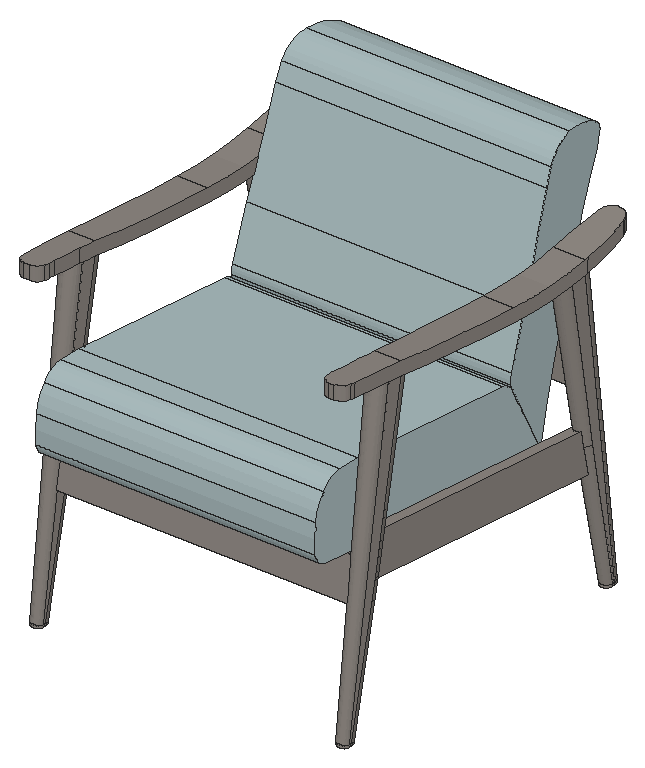
Revit family "Mid-Century Modern Tufgrain Lounge", category Furniture, Revit 2023
Family settings
  Work Plane-Based = No
  Enable Cutting in Views = Yes
  Always vertical = Yes
  Cut with Voids When Loaded = No
  Render Appearance Source = Family Geometry
  Shared = No
  Room Calculation Point = No
Parameters
  Structure material = Wood
  Seat material = Fabric
  Height = 0 mm
  Default Elevation = 0 mm
Reference planes
  plane 1 "Center (Front/Back)": y = 0
  plane 2: z = 0
  plane 3 "Center (Left/Right)": x = 0
  plane 4: x = -310
  plane 5: x = 310
  plane 6: y = 359.016
  plane 7: y = -358.484
  plane 8: x = -267.5
  plane 9: x = 267.5
Forms (mm)
  Extrusion 1, solid, material "Wood" <- "Structure material"
    sketch origin (2.379, 0, 0) x (0, 1, 0) y (0, 0, 1)
      loop
        line (-251.4, 337.438) -> (-268.896, 258.666) -> (285.328, 210.399) -> (267.263, 292.134) -> (-251.4, 337.438)
    from -303.115 to -283.682
  Extrusion 2, solid, material "Wood" <- "Structure material"
    sketch origin (0, 15.758, -7.376) x (0, 1, 0) y (0, 0, 1)
      loop
        line (-287.724, 228.544) -> (-273.577, 307.769) -> (-293.106, 310.853) -> (-307.111, 232.422) -> (-287.724, 228.544)
    from -291.302 to 290.712
  Extrusion 3, solid, material "Wood" <- "Structure material"
    sketch origin (0, -85.516, 51.846) x (0, 0.984779, -0.173811) y (0, 0.173811, 0.984779)
      loop
        line (291.067, 367.062) -> (277.008, 445.796) -> (257.201, 442.825) -> (271.261, 364.091) -> (291.067, 367.062)
    from -293.741 to 290.712
  Extrusion 4, solid, material "Fabric" <- "Seat material"
    sketch origin (0, -12.5, -2.5) x (0, 1, 0) y (0, 0, 1)
      loop
        arc (201.156, 273.671) -> (203.541, 272.397) -> (205.561, 274.195) r 2.363
        arc (205.561, 274.195) -> (231.387, 370.571) -> (262.471, 465.381) r 1814.718
        arc (262.471, 465.381) -> (285.96, 530.27) -> (309.839, 595.017) r 11466.825
        arc (309.839, 595.017) -> (322.407, 626.972) -> (336.141, 658.444) r 934.31
        arc (336.141, 658.444) -> (347.91, 683.995) -> (359.773, 709.502) r 7754.017
        arc (359.773, 709.502) -> (366.154, 725.125) -> (370.965, 741.299) r 171.101
        arc (370.965, 741.299) -> (370.845, 750.912) -> (366.096, 759.271) r 19.265
        arc (366.096, 759.271) -> (362.61, 762.427) -> (358.739, 765.097) r 35.636
        arc (358.739, 765.097) -> (324.92, 778.815) -> (288.542, 781.749) r 120.177
        arc (288.542, 781.749) -> (257.451, 770.82) -> (236.206, 745.626) r 62.665
        arc (236.206, 745.626) -> (229.72, 730.568) -> (224.083, 715.172) r 294.539
        arc (224.083, 715.172) -> (193.155, 624.458) -> (161.247, 534.084) r 8856.103
        arc (161.247, 534.084) -> (145.058, 487.79) -> (129.65, 441.229) r 2915.471
        arc (129.65, 441.229) -> (127.776, 431.976) -> (127.991, 422.537) r 42.498
        arc (127.991, 422.537) -> (129.541, 415.551) -> (132.241, 408.924) r 42.498
        line (132.241, 408.924) -> (201.156, 273.671)
    from -277.144 to 277.144
  Extrusion 5, solid, material "Fabric" <- "Seat material"
    sketch origin (0, -12.5, -2.5) x (0, 1, 0) y (0, 0, 1)
      loop
        arc (-239.429, 456.669) -> (-261.058, 457.634) -> (-282.689, 456.724) r 250.11
        arc (-282.689, 456.724) -> (-304.543, 449.921) -> (-321.525, 434.575) r 53.274
        arc (-321.525, 434.575) -> (-333.511, 412.997) -> (-340.384, 389.291) r 110.005
        arc (-340.384, 389.291) -> (-342.95, 362.603) -> (-341.558, 335.828) r 181.563
        arc (-341.558, 335.828) -> (-333.418, 319.439) -> (-316.859, 311.651) r 27.821
        line (-316.859, 311.651) -> (188.237, 258.664)
        arc (188.237, 258.664) -> (199.253, 263.745) -> (200.046, 275.85) r 11.865
        line (200.046, 275.85) -> (131.081, 411.201)
        arc (131.081, 411.201) -> (122.058, 421.403) -> (109.221, 425.956) r 27.215
        line (109.221, 425.956) -> (-239.429, 456.669)
    from -269.706 to 273.44
  Extrusion 6, solid, material "Wood" <- "Structure material"
    sketch origin (12.5, 0, 0) x (1, 0, 0) y (0, 1, 0)
      loop
        arc (-330.36, 319.854) -> (-334.635, 274.752) -> (-335.925, 229.467) r 686.482
        arc (-335.925, 229.467) -> (-333.414, -45.447) -> (-328.364, -320.325) r 29769.079
        arc (-328.364, -320.325) -> (-328.206, -323.895) -> (-327.896, -327.456) r 83.883
        arc (-327.896, -327.456) -> (-321.952, -339.895) -> (-309.536, -345.889) r 20.812
        arc (-309.536, -345.889) -> (-304.428, -346.194) -> (-299.315, -345.959) r 48.596
        arc (-299.315, -345.959) -> (-288.185, -340.938) -> (-282.367, -330.202) r 19.107
        arc (-282.367, -330.202) -> (-281.842, -326.145) -> (-281.664, -322.058) r 48.06
        arc (-281.664, -322.058) -> (-281.679, -315.955) -> (-281.738, -309.852) r 856.878
        arc (-281.738, -309.852) -> (-281.886, -278.896) -> (-281.511, -247.943) r 1833.566
        arc (-281.511, -247.943) -> (-277.561, -9.25) -> (-275.526, 229.467) r 29769.079
        arc (-275.526, 229.467) -> (-276.816, 274.752) -> (-281.091, 319.854) r 686.482
        arc (-281.091, 319.854) -> (-281.762, 323.531) -> (-282.817, 327.116) r 35.295
        arc (-282.817, 327.116) -> (-288.468, 336.02) -> (-297.441, 341.562) r 23.525
        arc (-297.441, 341.562) -> (-305.726, 342.929) -> (-314.011, 341.562) r 25.781
        arc (-314.011, 341.562) -> (-322.983, 336.02) -> (-328.634, 327.116) r 23.525
        arc (-328.634, 327.116) -> (-329.69, 323.531) -> (-330.36, 319.854) r 35.295
    from 533.438 to 677.216
  Extrusion 7, void
    sketch origin (0, 0, 0) x (0, 1, 0) y (0, 0, 1)
      loop
        line (352.128, 636.659) -> (352.128, 690.279) -> (-367.563, 690.279) -> (-367.563, 633.454)
        arc (-367.563, 633.454) -> (-289.454, 628.384) -> (-211.524, 621.062) r 2713.426
        arc (-211.524, 621.062) -> (-78.713, 607.971) -> (54.331, 597.498) r 6777.817
        arc (54.331, 597.498) -> (139.672, 596.664) -> (224.52, 605.873) r 724.363
        arc (224.52, 605.873) -> (288.86, 619.043) -> (352.128, 636.659) r 942.971
      loop
        arc (352.128, 610.981) -> (288.86, 593.365) -> (224.52, 580.195) r 942.971
        arc (224.52, 580.195) -> (139.672, 570.986) -> (54.331, 571.82) r 724.363
        arc (54.331, 571.82) -> (-78.713, 582.293) -> (-211.524, 595.384) r 6777.817
        arc (-211.524, 595.384) -> (-289.454, 602.706) -> (-367.563, 607.776) r 2713.426
        line (-367.563, 607.776) -> (-367.563, 515.981) -> (352.128, 515.981) -> (352.128, 610.981)
    from -420.573 to 483.708
  Extrusion 8, solid, material "Wood" <- "Structure material"
    sketch origin (-12.5, 0, 0) x (-1, 0, 0) y (0, -1, 0)
      loop
        arc (-330.36, -320.281) -> (-329.69, -323.958) -> (-328.634, -327.543) r 35.295
        arc (-328.634, -327.543) -> (-322.983, -336.447) -> (-314.011, -341.989) r 23.525
        arc (-314.011, -341.989) -> (-305.726, -343.356) -> (-297.441, -341.989) r 25.781
        arc (-297.441, -341.989) -> (-288.468, -336.447) -> (-282.817, -327.543) r 23.525
        arc (-282.817, -327.543) -> (-281.762, -323.958) -> (-281.091, -320.281) r 35.295
        arc (-281.091, -320.281) -> (-276.816, -275.18) -> (-275.526, -229.894) r 686.482
        arc (-275.526, -229.894) -> (-277.561, 8.823) -> (-281.511, 247.516) r 29769.079
        arc (-281.511, 247.516) -> (-281.886, 278.469) -> (-281.738, 309.424) r 1833.566
        arc (-281.738, 309.424) -> (-281.679, 315.528) -> (-281.664, 321.631) r 856.878
        arc (-281.664, 321.631) -> (-281.842, 325.718) -> (-282.367, 329.775) r 48.06
        arc (-282.367, 329.775) -> (-288.185, 340.511) -> (-299.315, 345.532) r 19.107
        arc (-299.315, 345.532) -> (-304.428, 345.767) -> (-309.536, 345.462) r 48.596
        arc (-309.536, 345.462) -> (-321.952, 339.468) -> (-327.896, 327.029) r 20.812
        arc (-327.896, 327.029) -> (-328.206, 323.468) -> (-328.364, 319.898) r 83.883
        arc (-328.364, 319.898) -> (-333.414, 45.02) -> (-335.925, -229.894) r 29769.079
        arc (-335.925, -229.894) -> (-334.635, -275.18) -> (-330.36, -320.281) r 686.482
    from 533.438 to 677.216
  Extrusion 9, void
    sketch origin (-7.5, 0, 0) x (1, 0, 0) y (0, 1, 0)
      loop
        arc (-262.388, 95.115) -> (-249.482, 236.174) -> (-232.778, 376.835) r 5253.351
        line (-232.778, 376.835) -> (-302.388, 376.835) -> (-302.388, 95.115) -> (-262.388, 95.115)
      loop
        line (277.388, 95.115) -> (317.388, 95.115) -> (317.388, 376.835) -> (247.778, 376.835)
        arc (247.778, 376.835) -> (264.482, 236.174) -> (277.388, 95.115) r 5253.351
    from 232.422 to 847.409
  Extrusion 10, solid, material "Wood" <- "Structure material"
    sketch origin (-2.379, 0, 0) x (0, 1, 0) y (0, 0, -1)
      loop
        line (-251.4, -337.438) -> (267.263, -292.134) -> (285.328, -210.399) -> (-268.896, -258.666) -> (-251.4, -337.438)
    from -303.115 to -283.682
  Extrusion 11, void
    sketch origin (0, 0, 0) x (1, 0, 0) y (0, 1, 0)
      loop
        line (-267.5, -355.493) -> (-266.381, 193.062) -> (-274.141, 193.062) -> (-274.141, -355.493) -> (-267.5, -355.493)
      loop
        line (267.5, -355.493) -> (274.141, -355.493) -> (274.141, 193.062) -> (266.381, 193.062) -> (267.5, -355.493)
    from 253.613 to 493.191
  Extrusion 12, solid, material "Wood" <- "Structure material"
    sketch origin (0, 0, 0) x (0, 1, 0) y (0, 0, 1)
      loop
        line (147.848, 230.313) -> (151.24, 270.169) -> (131.312, 271.865) -> (127.92, 232.009) -> (147.848, 230.313)
    from -281.302 to 281.302
  SweptBlend 13, solid, material "Wood" <- "Structure material"
    path origin (0, 0, 0) x (0, 1, 0) y (0, 0, 1)
      loop
        line (-215.508, 605.299) -> (-315.429, 2.197)
    profile origin (0, -215.508, 605.299) x (0, 0.986552, -0.16345) y (1, 0, 0)
      loop
        arc (14.451, -313.127) -> (33.987, -293.591) -> (14.451, -274.054) r 19.536
        line (14.451, -274.054) -> (-17.651, -274.054)
        arc (-17.651, -274.054) -> (-37.188, -293.591) -> (-17.651, -313.127) r 19.536
        line (-17.651, -313.127) -> (14.451, -313.127)
    end profile origin (0, -315.429, 2.197) x (0, 0.986552, -0.16345) y (1, 0, 0)
      loop
        arc (7.562, -305.275) -> (19.247, -293.591) -> (7.562, -281.906) r 11.685
        line (7.562, -281.906) -> (-1.969, -281.906)
        arc (-1.969, -281.906) -> (-13.654, -293.591) -> (-1.969, -305.275) r 11.685
        line (-1.969, -305.275) -> (7.562, -305.275)
  SweptBlend 14, void
    path origin (0, 0, 0) x (0, 1, 0) y (0, 0, 1)
      loop
        line (-215.508, 605.299) -> (-315.429, 2.197)
    profile origin (0, -215.508, 605.299) x (0, 0.986552, -0.16345) y (1, 0, 0)
      loop
        arc (20.701, -274.054) -> (40.237, -293.591) -> (20.701, -313.127) r 19.536
        line (20.701, -313.127) -> (20.701, -333.127) -> (55.701, -333.127) -> (55.701, -253.127) -> (20.701, -253.127) -> (20.701, -274.054)
    end profile origin (0, -315.429, 2.197) x (0, 0.986552, -0.16345) y (1, 0, 0)
      loop
        line (2.562, -305.275) -> (2.562, -315.275) -> (25.353, -315.275) -> (25.353, -275.275) -> (2.562, -275.275) -> (2.562, -281.906)
        arc (2.562, -281.906) -> (14.247, -293.591) -> (2.562, -305.275) r 11.685
  Extrusion 15, void
    sketch origin (0, 0, 0) x (0, 1, 0) y (0, 0, 1)
      loop
        line (339.016, 5.054) -> (-336.101, 5.054) -> (-336.101, -25.571) -> (339.016, -25.571) -> (339.016, 5.054)
      loop
        line (268.029, 626.843) -> (163.029, 626.843) -> (163.029, 591.843) -> (268.029, 591.843) -> (268.029, 626.843)
    from -373.819 to 455.777
  Extrusion 16, solid, material "Wood" <- "Structure material"
    sketch origin (0, 0, 0) x (1, 0, 0) y (0, 1, 0)
      loop
        arc (-305.296, -317.101) -> (-293.591, -328.806) -> (-281.885, -317.101) r 11.706
        line (-281.885, -317.101) -> (-281.885, -312.101)
        arc (-281.885, -312.101) -> (-293.591, -300.395) -> (-305.296, -312.101) r 11.706
        line (-305.296, -312.101) -> (-305.296, -317.101)
      loop
        line (305.296, -317.101) -> (305.296, -312.101)
        arc (305.296, -312.101) -> (293.591, -300.395) -> (281.885, -312.101) r 11.706
        line (281.885, -312.101) -> (281.885, -317.101)
        arc (281.885, -317.101) -> (293.591, -328.806) -> (305.296, -317.101) r 11.706
      loop
        line (-305.296, 317.101) -> (-305.296, 312.101)
        arc (-305.296, 312.101) -> (-293.591, 300.395) -> (-281.885, 312.101) r 11.706
        line (-281.885, 312.101) -> (-281.885, 317.101)
        arc (-281.885, 317.101) -> (-293.591, 328.806) -> (-305.296, 317.101) r 11.706
      loop
        arc (305.296, 317.101) -> (293.591, 328.806) -> (281.885, 317.101) r 11.706
        line (281.885, 317.101) -> (281.885, 312.101)
        arc (281.885, 312.101) -> (293.591, 300.395) -> (305.296, 312.101) r 11.706
        line (305.296, 312.101) -> (305.296, 317.101)
    from 0 to 5.054
  SweptBlend 17, solid, material "Wood" <- "Structure material"
    path origin (0, 0, 0) x (0, 1, 0) y (0, 0, -1)
      loop
        line (-215.508, -605.299) -> (-315.429, -2.197)
    profile origin (0, -215.508, 605.299) x (0, -0.986552, 0.16345) y (-1, 0, 0)
      loop
        line (-14.451, -313.127) -> (17.651, -313.127)
        arc (17.651, -313.127) -> (37.188, -293.591) -> (17.651, -274.054) r 19.536
        line (17.651, -274.054) -> (-14.451, -274.054)
        arc (-14.451, -274.054) -> (-33.987, -293.591) -> (-14.451, -313.127) r 19.536
    end profile origin (0, -315.429, 2.197) x (0, -0.986552, 0.16345) y (-1, 0, 0)
      loop
        line (-7.562, -305.275) -> (1.969, -305.275)
        arc (1.969, -305.275) -> (13.654, -293.591) -> (1.969, -281.906) r 11.685
        line (1.969, -281.906) -> (-7.562, -281.906)
        arc (-7.562, -281.906) -> (-19.247, -293.591) -> (-7.562, -305.275) r 11.685
  SweptBlend 18, void
    path origin (0, 0, 0) x (0, 1, 0) y (0, 0, -1)
      loop
        line (-215.508, -605.299) -> (-315.429, -2.197)
    profile origin (0, -215.508, 605.299) x (0, -0.986552, 0.16345) y (-1, 0, 0)
      loop
        line (-20.701, -274.054) -> (-20.701, -253.127) -> (-55.701, -253.127) -> (-55.701, -333.127) -> (-20.701, -333.127) -> (-20.701, -313.127)
        arc (-20.701, -313.127) -> (-40.237, -293.591) -> (-20.701, -274.054) r 19.536
    end profile origin (0, -315.429, 2.197) x (0, -0.986552, 0.16345) y (-1, 0, 0)
      loop
        arc (-2.562, -305.275) -> (-14.247, -293.591) -> (-2.562, -281.906) r 11.685
        line (-2.562, -281.906) -> (-2.562, -275.275) -> (-25.353, -275.275) -> (-25.353, -315.275) -> (-2.562, -315.275) -> (-2.562, -305.275)
  SweptBlend 19, solid, material "Wood" <- "Structure material"
    path origin (0, 0, 0) x (0, -1, 0) y (0, 0, 1)
      loop
        line (-215.508, 605.299) -> (-315.429, 2.197)
    profile origin (0, 215.508, 605.299) x (0, -0.986552, -0.16345) y (-1, 0, 0)
      loop
        arc (14.451, -313.127) -> (33.987, -293.591) -> (14.451, -274.054) r 19.536
        line (14.451, -274.054) -> (-17.651, -274.054)
        arc (-17.651, -274.054) -> (-37.188, -293.591) -> (-17.651, -313.127) r 19.536
        line (-17.651, -313.127) -> (14.451, -313.127)
    end profile origin (0, 315.429, 2.197) x (0, -0.986552, -0.16345) y (-1, 0, 0)
      loop
        arc (7.562, -305.275) -> (19.247, -293.591) -> (7.562, -281.906) r 11.685
        line (7.562, -281.906) -> (-1.969, -281.906)
        arc (-1.969, -281.906) -> (-13.654, -293.591) -> (-1.969, -305.275) r 11.685
        line (-1.969, -305.275) -> (7.562, -305.275)
  SweptBlend 20, void
    path origin (0, 0, 0) x (0, -1, 0) y (0, 0, 1)
      loop
        line (-215.508, 605.299) -> (-315.429, 2.197)
    profile origin (0, 215.508, 605.299) x (0, -0.986552, -0.16345) y (-1, 0, 0)
      loop
        arc (20.701, -274.054) -> (40.237, -293.591) -> (20.701, -313.127) r 19.536
        line (20.701, -313.127) -> (20.701, -333.127) -> (55.701, -333.127) -> (55.701, -253.127) -> (20.701, -253.127) -> (20.701, -274.054)
    end profile origin (0, 315.429, 2.197) x (0, -0.986552, -0.16345) y (-1, 0, 0)
      loop
        line (2.562, -305.275) -> (2.562, -315.275) -> (25.353, -315.275) -> (25.353, -275.275) -> (2.562, -275.275) -> (2.562, -281.906)
        arc (2.562, -281.906) -> (14.247, -293.591) -> (2.562, -305.275) r 11.685
  SweptBlend 21, solid, material "Wood" <- "Structure material"
    path origin (0, 0, 0) x (0, -1, 0) y (0, 0, -1)
      loop
        line (-215.508, -605.299) -> (-315.429, -2.197)
    profile origin (0, 215.508, 605.299) x (0, 0.986552, 0.16345) y (1, 0, 0)
      loop
        line (-14.451, -313.127) -> (17.651, -313.127)
        arc (17.651, -313.127) -> (37.188, -293.591) -> (17.651, -274.054) r 19.536
        line (17.651, -274.054) -> (-14.451, -274.054)
        arc (-14.451, -274.054) -> (-33.987, -293.591) -> (-14.451, -313.127) r 19.536
    end profile origin (0, 315.429, 2.197) x (0, 0.986552, 0.16345) y (1, 0, 0)
      loop
        line (-7.562, -305.275) -> (1.969, -305.275)
        arc (1.969, -305.275) -> (13.654, -293.591) -> (1.969, -281.906) r 11.685
        line (1.969, -281.906) -> (-7.562, -281.906)
        arc (-7.562, -281.906) -> (-19.247, -293.591) -> (-7.562, -305.275) r 11.685
  SweptBlend 22, void
    path origin (0, 0, 0) x (0, -1, 0) y (0, 0, -1)
      loop
        line (-215.508, -605.299) -> (-315.429, -2.197)
    profile origin (0, 215.508, 605.299) x (0, 0.986552, 0.16345) y (1, 0, 0)
      loop
        line (-20.701, -274.054) -> (-20.701, -253.127) -> (-55.701, -253.127) -> (-55.701, -333.127) -> (-20.701, -333.127) -> (-20.701, -313.127)
        arc (-20.701, -313.127) -> (-40.237, -293.591) -> (-20.701, -274.054) r 19.536
    end profile origin (0, 315.429, 2.197) x (0, 0.986552, 0.16345) y (1, 0, 0)
      loop
        arc (-2.562, -305.275) -> (-14.247, -293.591) -> (-2.562, -281.906) r 11.685
        line (-2.562, -281.906) -> (-2.562, -275.275) -> (-25.353, -275.275) -> (-25.353, -315.275) -> (-2.562, -315.275) -> (-2.562, -305.275)
Cuts and joins
  Extrusion 9 cuts Extrusion 4
  Extrusion 11, SweptBlend 20 cuts Extrusion 5
  SweptBlend 18, SweptBlend 20 cuts Extrusion 1
  SweptBlend 18, SweptBlend 20, SweptBlend 22 cuts Extrusion 2
  SweptBlend 18, SweptBlend 20, SweptBlend 22 cuts Extrusion 3
  Extrusion 7, SweptBlend 18, SweptBlend 20 cuts Extrusion 6
  Extrusion 7, SweptBlend 22 cuts Extrusion 8
  SweptBlend 22 cuts Extrusion 10
  SweptBlend 14, Extrusion 15, SweptBlend 18, SweptBlend 20, SweptBlend 22 cuts SweptBlend 13
  Extrusion 15, SweptBlend 18, SweptBlend 20 cuts SweptBlend 17
  Extrusion 15, SweptBlend 20, SweptBlend 22 cuts SweptBlend 19
  Extrusion 15, SweptBlend 22 cuts SweptBlend 21
  joined: Extrusion 1, Extrusion 2, Extrusion 3, Extrusion 6, Extrusion 8, Extrusion 10, SweptBlend 13, SweptBlend 17, SweptBlend 19, SweptBlend 21
Lines and regions (mm)
  symbolic lines
    curve 1: arc (-312.964, 0, 597.67) -> (-309.668, 0, 300.822) -> (-304.592, 0, 3.998) r 49481.244
    curve 2: arc (312.964, 0, 597.67) -> (309.668, 0, 300.822) -> (304.592, 0, 3.998) r 49481.244
Dimensions and locks
  plane 6 to plane 7 = 717.5 mm
  plane 4 to plane 5 = 620 mm  (x2)
  plane 8 to plane 9 = 535 mm
  aligned and locked: level to plane 2
